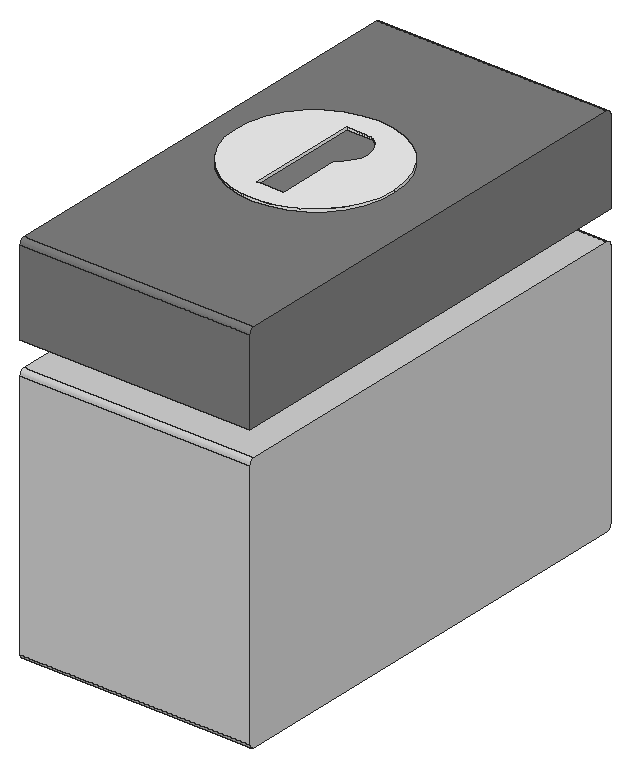
Revit family "Domotics-DomesticRanges-GEWISS-SYSTEM_COMMAND-TWO-WAY_SWITCH_KEY", category Apparecchi elettrici, host Superficie, Revit 2016
Family settings
  Host = Superficie
  Mantenere orientamento annotazione = Sì
  Tipo di parte = Normale
  Quota connettore circolare = Usa diametro
  Numero OmniClass = 23.80.50.11.14
  Titolo OmniClass = Switches
  Taglio con vuoti quando caricato = No
  Condiviso = Sì
  Punto di calcolo locali = Sì
Parameters (values of type "GW21008 - Key-op.1P 10A 230V 2-way switch black")
  Voltage: = "250 V ac"
  Voltage = "250 V ac"
  Volt = 230 V
  Vista di pianta [instance] = yes
  Version file RFA = "19.4"
  URL = "https://www.gewiss.com/ww/en"
  Type = "With key"
  Technical sheet = "https://www.gewiss.com/ww/en/search?q=GW21008"
  Simbolo = SIMBOLO DEVIATORI : DEVCHIAVE
  SIMBOLO [instance] = yes
  SEO = "2 way switch"
  Realized by GEWISS S.p.A. = ""
  Pulsante = GEWISS NERO
  Produttore = "GEWISS S.p.A."
  Offset deviatore [instance] = 0 mm
  Offset Bidimensionale [instance] = 2 mm
  No. SYSTEM modules = "1"
  N. poli = 1
  Modello = "GW21008"
  IFC.TypeObject = ""
  IFC.ExportType = ""
  IFC.ExportAs = ""
  IDT = "9339aafb-4b4f-4cd3-b297-a53a2e736352"
  IDF = "7facbd68-6e22-42a1-81bd-1ebbbeee2841"
  Electrocod = "0130"
  EAN code = "8011564128026"
  Distanza_x [instance] = 0 mm
  Distanza_effettiva_x [instance] = 1500 mm - Distanza_x  # 1500 mm
  Default Elevation = 1219.2 mm
  Immagine tipo = GW21008.jpg
  Descrizione = "KEY-OP.1P 10A 230V 2-WAY SWITCH SY/BK"
  Description: = "1P - 10AX"
  Description. = "Two-way switch"
  Colour = "Black"
  Catalogue Range = "SYSTEM - DOMESTIC RANGE"
  Catalogue = "DOMOTICS"
  Carico apparente = 0 VA
  COBie.Tagnumber = ""
  COBie.CreatedOn = ""
  COBie.CreatebBy = ""
  COBie.ComponentRegisterItemID = ""
  COBie.Component.TagNumber = ""
  COBie.Component.Space = ""
  COBie.Component.SerialNumber = ""
  COBie.Component.InstallationDate = ""
  COBie.Component.Description = ""
  COBie.Component.BarCode = ""
  Button key = "With key"
Types (2, lengths in mm): name | Technical sheet | Pulsante | Modello | IDT | EAN code | Immagine tipo | Descrizione | Colour
  GW20008 - Key-op.1P 10A 230V 2-way switch white | "https://www.gewiss.com/ww/en/search?q=GW20008" | GEWISS BIANCO | "GW20008" | "a0179cd2-78dc-461c-824c-36b42ba75ee6" | "8011564000094" | GW20008.jpg | "KEY-OP.1P 10A 230V 2-WAY SWITCH SY/WT" | "White"
  GW21008 - Key-op.1P 10A 230V 2-way switch black | "https://www.gewiss.com/ww/en/search?q=GW21008" | GEWISS NERO | "GW21008" | "9339aafb-4b4f-4cd3-b297-a53a2e736352" | "8011564128026" | GW21008.jpg | "KEY-OP.1P 10A 230V 2-WAY SWITCH SY/BK" | "Black"
Reference planes
  plane 1 "Centro (Fronte/Retro)": y = 0
  plane 2: z = 0
  plane 3 "Centro (Sinistra/Destra)": x = 0
  plane 4: z = 0
  plane 5 "bidimensionale": z = 41
  plane 6: y = 0
  plane 7: x = 0
  plane 8: x = -11.5
  plane 9: x = 11.5
  plane 10: z = 39
  plane 11: y = 22.5
  plane 12: y = -22.5
  plane 13: x = -1500
  plane 14: x = 0
Lines and regions (mm)
  Masking region 1, visible <- "Vista di pianta"
    outline origin (0, 0, 0) x (1, 0, 0) y (0, 0, 1)
      loop
        line (-11.5, 39) -> (-11.5, 0) -> (11.5, 0) -> (11.5, 39) -> (-11.5, 39)
  Masking region 2, visible <- "Vista di pianta"
    outline origin (0, 0, 41) x (-1, 0, 0) y (0, -1, 0)
      loop
        line (11.5, -22.5) -> (11.5, 22.5) -> (-11.5, 22.5) -> (-11.5, -22.5) -> (11.5, -22.5)
      loop
        circle (0, 0) r 9.447
      loop
        circle (0, 0) r 7.891
      loop
        line (-1.32, -5.555) -> (1.32, -5.555) -> (1.32, 5.649) -> (-1.321, 5.649) -> (-1.321, -0.666)
        arc (-1.321, -0.666) -> (-2.778, -3.111) -> (-1.32, -5.555) r 2.778
  Masking region 3, visible <- "Vista di pianta"
    outline origin (0, 0, 0) x (0, 1, 0) y (0, 0, 1)
      loop
        line (-22.5, 39) -> (-22.5, 0) -> (22.5, 0) -> (22.5, 39) -> (-22.5, 39)
  model lines, detail levels coarse
    curve 1: line (-11.5, 22.5, 41) -> (11.5, 22.5, 41)
    curve 2: line (-11.5, -22.5, 41) -> (-11.5, 22.5, 41)
    curve 3: line (11.5, 22.5, 41) -> (11.5, -22.5, 41)
    curve 4: line (11.5, -22.5, 41) -> (-11.5, -22.5, 41)
    curve 5: circle (0, 0, 41) r 9.447 normal (0, 0, 1)
    curve 6: circle (0, 0, 41) r 7.891 normal (0, 0, 1)
    curve 7: arc (1.321, 0.666, 41) -> (2.778, 3.111, 41) -> (1.32, 5.555, 41) r 2.778
    curve 8: line (1.32, 5.555, 41) -> (-1.32, 5.555, 41)
    curve 9: line (-1.32, 5.555, 41) -> (-1.32, 0.665, 41)
    curve 10: line (-1.32, 0.665, 41) -> (-1.32, -5.649, 41)
    curve 11: line (-1.32, -5.649, 41) -> (1.321, -5.649, 41)
    curve 12: line (1.321, -5.649, 41) -> (1.321, 0.666, 41)
  model lines, not visible, detail levels coarse
    curve 13: line (-11.5, 22.5, 41) -> (11.5, 22.5, 41)
    curve 14: line (-11.5, -22.5, 41) -> (-11.5, 22.5, 41)
    curve 15: line (11.5, 22.5, 41) -> (11.5, -22.5, 41)
    curve 16: line (11.5, -22.5, 41) -> (-11.5, -22.5, 41)
    curve 17: circle (0, 0, 41) r 9.447 normal (0, 0, 1)
    curve 18: circle (0, 0, 41) r 7.891 normal (0, 0, 1)
    curve 19: arc (1.321, 0.666, 41) -> (2.778, 3.111, 41) -> (1.32, 5.555, 41) r 2.778
    curve 20: line (1.32, 5.555, 41) -> (-1.32, 5.555, 41)
    curve 21: line (-1.32, 5.555, 41) -> (-1.32, 0.665, 41)
    curve 22: line (-1.32, 0.665, 41) -> (-1.32, -5.649, 41)
    curve 23: line (-1.32, -5.649, 41) -> (1.321, -5.649, 41)
    curve 24: line (1.321, -5.649, 41) -> (1.321, 0.666, 41)
Dimensions and locks
  "Offset deviatore": plane 4 to host face
  locked: plane 10 to plane 4 at 39
  locked: plane 11 to plane 12 at 45
  plane 13 to plane 3 "Centro (Sinistra/Destra)" = 1500 mm
  "Distanza_effettiva_x": plane 13 to plane 14
  "Offset Bidimensionale": plane 5 "bidimensionale" to plane 10
  aligned and locked: plane 2 to host face
  aligned and locked: level to host face
  aligned and locked: nested 1 to plane 4
  aligned and locked: Masking region 1 sketch curve to nested 1
  aligned and locked: plane 8 to Masking region 1 sketch curve
  aligned and locked: plane 4 to Masking region 1 sketch curve
  aligned and locked: nested 1 to Masking region 1 sketch curve
  aligned and locked: plane 11 to nested 1
  aligned and locked: plane 12 to nested 1
  aligned and locked: plane 14 to nested 2
  aligned and locked: Masking region 2 sketch curve to curve 1
  aligned and locked: plane 8 to Masking region 2 sketch curve
  aligned and locked: Masking region 2 sketch curve to curve 4
  aligned and locked: Masking region 2 sketch curve to curve 3
  aligned and locked: plane 10 to Masking region 3 sketch curve
  aligned and locked: plane 12 to Masking region 3 sketch curve
  aligned and locked: plane 4 to Masking region 3 sketch curve
  aligned and locked: nested 1 to Masking region 3 sketch curve
Automatic sketch dimensions
  host sketch curve to host sketch curve = 2438.4 mm  (x2)
  Masking region 2 sketch curve to Masking region 2 sketch curve = 0 mm  (x2)
  plane 1 "Centro (Fronte/Retro)" to Masking region 2 sketch curve = 0 mm
  Masking region 2 sketch curve to plane 3 "Centro (Sinistra/Destra)" = 0 mm  (x2)
  plane 3 "Centro (Sinistra/Destra)" to Masking region 2 sketch curve = 1.321 mm
  plane 3 "Centro (Sinistra/Destra)" to Masking region 2 sketch curve = 1.32 mm
  Masking region 2 sketch curve to plane 1 "Centro (Fronte/Retro)" = 5.555 mm
  Masking region 2 sketch curve to Masking region 2 sketch curve = 2.445 mm
  plane 1 "Centro (Fronte/Retro)" to Masking region 2 sketch curve = 5.649 mm
  Masking region 2 sketch curve to plane 3 "Centro (Sinistra/Destra)" = 1.32 mm
  radius of Masking region 2 sketch curve = 9.447 mm
  radius of Masking region 2 sketch curve = 7.891 mm
Nested families
  nested 1: "SYSTEM DEVIATORI CHIAVE_BASE" at (0, 0, 0), Pulsante <- "Pulsante", type "GW20008 - DEVIATORE 1P 10A CON CHIAVE SY/WT"
    with Pulsante GEWISS NERO
  nested 2: "SIMBOLO DEVIATORI" at (0, 100, 0), SIMBOLO <- "SIMBOLO", visible <- "SIMBOLO", type "DEVCHIAVE"
    with Distanza dal muro 4.208 mm, BORDO ACCESO yes
Connectors
  electrical at (0, 0, 0), driven by "N. poli", driven by "Volt", driven by "Carico apparente"
    settings: on nested 1, index 1, voltage 230 V, apparent load 0 VA, apparent load phase1 0 VA, apparent load phase2 0 VA, apparent load phase3 0 VA, power factor 1, load classification "Other", number of poles 1, system type 31, power factor state 1, is connector primary yes, connector utility no, sub classification motor no, connector description ""
Definition of nested family "SYSTEM DEVIATORI CHIAVE_BASE"
  Parameters (values of type "GW20008 - DEVIATORE 1P 10A CON CHIAVE SY/WT")
    Struttura = none
    Simbolo = INCHIAVE : INCHIAVE
    Pulsante [instance] = none
    Profondità totale = 39 mm
    Profondità supporto = 26 mm
    Larghezza pulsante = 23 mm
    Distanza simbolo = 254 mm
    Default Elevation = 1219.2 mm
    Chiave = none
    Bidimensionale = 43.8 mm
    Altezza simbolo = 306 mm
    Altezza pulsante = 45 mm
  Reference planes
    plane 1 "Centro (Fronte/Retro)": y = 0
    plane 2: z = 0
    plane 3 "Centro (Sinistra/Destra)": x = 0
    plane 4: x = -10.5
    plane 5: x = 10.5
    plane 6: y = 22.5
    plane 7: y = -22.5
    plane 8: z = 26
    plane 9: x = -11.5
    plane 10: x = 11.5
    plane 11: z = 37.721
    plane 12 "PIANO BIDIMENSIONALE": z = 43.8
    plane 13: z = 39
  Forms (mm)
    Extrusion 1, solid, material <- "Struttura", detail levels medium+fine
      sketch origin (0, 0, 0) x (0, 1, 0) y (0, 0, 1)
        loop
          line (22.5, 0.5) -> (22.5, 25.5)
          arc (22.5, 25.5) -> (22.354, 25.854) -> (22, 26) r 0.5
          line (22, 26) -> (-22, 26)
          arc (-22, 26) -> (-22.354, 25.854) -> (-22.5, 25.5) r 0.5
          line (-22.5, 25.5) -> (-22.5, 0.5)
          arc (-22.5, 0.5) -> (-22.354, 0.146) -> (-22, 0) r 0.5
          line (-22, 0) -> (22, 0)
          arc (22, 0) -> (22.354, 0.146) -> (22.5, 0.5) r 0.5
      from -11.5 to 11.5
    Extrusion 2, solid, material <- "Pulsante", detail levels medium+fine
      sketch origin (0, 0, 0) x (0, 1, 0) y (0, 0, 1)
        loop
          arc (-22, 37.721) -> (-22.354, 37.575) -> (-22.5, 37.221) r 0.5
          line (-22.5, 37.221) -> (-22.5, 28.721) -> (3, 28.721) -> (22.5, 28.721) -> (22.5, 37.221)
          arc (22.5, 37.221) -> (22.354, 37.575) -> (22, 37.721) r 0.5
          arc (22, 37.721) -> (0, 38.721) -> (-22, 37.721) r 242.438
      from -11.5 to 11.5
    Extrusion 3, solid, material <- "Chiave", detail levels medium+fine
      sketch origin (0, 0, 0) x (1, 0, 0) y (0, 1, 0)
        loop
          circle (0, 0) r 7.891
      from 39 to 38.751
    Extrusion 4, void, detail levels medium+fine
      sketch origin (0, 0, 0) x (1, 0, 0) y (0, 1, 0)
        loop
          line (-1.32, 5.555) -> (-1.32, -5.649) -> (1.321, -5.649) -> (1.321, 0.666)
          arc (1.321, 0.666) -> (2.778, 3.111) -> (1.32, 5.555) r 2.778
          line (1.32, 5.555) -> (-1.32, 5.555)
      from 38.751 to 39
  Cuts and joins
    Extrusion 4 cuts Extrusion 3
  Lines and regions (mm)
    Masking region 1
      outline origin (0, 0, 43.8) x (1, 0, 0) y (0, 1, 0)
        loop
          line (-11.5, 22.5) -> (-11.5, -22.5) -> (11.5, -22.5) -> (11.5, 22.5) -> (-11.5, 22.5)
        loop
          circle (0, 0) r 9.447
    Masking region 2
      outline origin (0, 0, 43.8) x (1, 0, 0) y (0, 1, 0)
        loop
          circle (0, 0) r 9.447
        loop
          circle (0, 0) r 7.891
    Masking region 3
      outline origin (0, 0, 43.8) x (1, 0, 0) y (0, 1, 0)
        loop
          circle (0, 0) r 7.891
        loop
          line (-1.32, -5.649) -> (1.321, -5.649) -> (1.321, 0.666)
          arc (1.321, 0.666) -> (2.778, 3.111) -> (1.32, 5.555) r 2.778
          line (1.32, 5.555) -> (-1.32, 5.555) -> (-1.32, -5.649)
    Masking region 4
      outline origin (0, 0, 43.8) x (1, 0, 0) y (0, 1, 0)
        loop
          line (-1.32, 5.555) -> (-1.32, -5.649) -> (1.321, -5.649) -> (1.321, 0.666)
          arc (1.321, 0.666) -> (2.778, 3.111) -> (1.32, 5.555) r 2.778
          line (1.32, 5.555) -> (-1.32, 5.555)
    reference lines
      curve 1: line (0, 75.97, 28.721) -> (0, -79.03, 28.721)
  Dimensions and locks
    equal spacing: plane 7, plane 1 "Centro (Fronte/Retro)", plane 6
    "Altezza pulsante": plane 7 to plane 6
    equal spacing: plane 4, plane 3 "Centro (Sinistra/Destra)", plane 5
    "Bidimensionale": level to plane 12 "PIANO BIDIMENSIONALE"
    "Profondità totale": level to plane 13
    "Profondità supporto": level to plane 8
    "Larghezza pulsante": plane 9 to plane 10
    plane 9 to plane 4 = 1 mm
    plane 5 to plane 10 = 1 mm
    aligned and locked: level to plane 2
    aligned and locked: Extrusion 2 to plane 6
    aligned and locked: Extrusion 2 to plane 7
    aligned and locked: Extrusion 1 to Extrusion 2
    aligned and locked: Extrusion 2 to Extrusion 1
    aligned and locked: plane 9 to Extrusion 1
    aligned and locked: Extrusion 1 to plane 10
    aligned and locked: plane 13 to cut or joined group of Extrusion 3, Extrusion 4
    aligned and locked: Masking region 1 sketch curve to Extrusion 2  (x4)
  Automatic sketch dimensions
    curve 1 to plane 7 = 56.53 mm
    level to curve 1 = 28.721 mm
    curve 1 to plane 6 = 53.47 mm
    plane 8 to Extrusion 1 sketch curve = 0.5 mm
    level to Extrusion 1 sketch curve = 0.5 mm
    plane 6 to Extrusion 1 sketch curve = 0.5 mm
    Extrusion 1 sketch curve to Extrusion 1 sketch curve = 0.5 mm
    Extrusion 1 sketch curve to level = 0 mm
    Extrusion 1 sketch curve to plane 7 = 0 mm
    plane 8 to Extrusion 1 sketch curve = 0 mm
    Extrusion 1 sketch curve to plane 6 = 0 mm
    plane 1 "Centro (Fronte/Retro)" to Extrusion 3 sketch curve = 0 mm
    Extrusion 3 sketch curve to plane 3 "Centro (Sinistra/Destra)" = 0 mm
    Extrusion 4 sketch curve to plane 3 "Centro (Sinistra/Destra)" = 0 mm
    Extrusion 4 sketch curve to plane 3 "Centro (Sinistra/Destra)" = 1.32 mm
    plane 3 "Centro (Sinistra/Destra)" to Extrusion 4 sketch curve = 1.32 mm
    plane 3 "Centro (Sinistra/Destra)" to Extrusion 4 sketch curve = 1.321 mm
    plane 1 "Centro (Fronte/Retro)" to Extrusion 4 sketch curve = 5.649 mm
    Extrusion 4 sketch curve to plane 1 "Centro (Fronte/Retro)" = 0.666 mm
    Extrusion 4 sketch curve to Extrusion 4 sketch curve = 2.444 mm
    Masking region 1 sketch curve to Masking region 1 sketch curve = 0 mm  (x2)
    plane 1 "Centro (Fronte/Retro)" to Masking region 1 sketch curve = 0 mm
    Masking region 1 sketch curve to plane 3 "Centro (Sinistra/Destra)" = 0 mm
    Masking region 1 sketch curve to plane 4 = 1.053 mm
    plane 1 "Centro (Fronte/Retro)" to Masking region 2 sketch curve = 0 mm
    Masking region 2 sketch curve to plane 3 "Centro (Sinistra/Destra)" = 0 mm
    Masking region 2 sketch curve to plane 4 = 1.053 mm
    plane 1 "Centro (Fronte/Retro)" to Masking region 3 sketch curve = 0 mm
    Masking region 3 sketch curve to plane 3 "Centro (Sinistra/Destra)" = 0 mm  (x2)
    Masking region 3 sketch curve to plane 4 = 2.609 mm
    Masking region 3 sketch curve to plane 3 "Centro (Sinistra/Destra)" = 1.32 mm
    Masking region 3 sketch curve to plane 1 "Centro (Fronte/Retro)" = 5.555 mm
    plane 3 "Centro (Sinistra/Destra)" to Masking region 3 sketch curve = 1.32 mm
    plane 1 "Centro (Fronte/Retro)" to Masking region 3 sketch curve = 5.649 mm
    Masking region 3 sketch curve to Masking region 3 sketch curve = 2.445 mm
    Masking region 3 sketch curve to plane 1 "Centro (Fronte/Retro)" = 0.666 mm
    Masking region 2 sketch curve to Masking region 2 sketch curve = 0 mm  (x2)
    Masking region 2 sketch curve to Masking region 2 sketch curve = 1.556 mm
    Masking region 4 sketch curve to plane 3 "Centro (Sinistra/Destra)" = 0 mm
    plane 3 "Centro (Sinistra/Destra)" to Masking region 4 sketch curve = 1.32 mm
    Masking region 4 sketch curve to plane 1 "Centro (Fronte/Retro)" = 3.11 mm
    Masking region 4 sketch curve to Masking region 4 sketch curve = 2.445 mm
    Masking region 4 sketch curve to plane 1 "Centro (Fronte/Retro)" = 0.666 mm
    plane 1 "Centro (Fronte/Retro)" to Masking region 4 sketch curve = 5.649 mm
    Masking region 4 sketch curve to plane 3 "Centro (Sinistra/Destra)" = 1.32 mm
    Extrusion 2 sketch curve to plane 7 = 0 mm
    Extrusion 2 sketch curve to plane 11 = 0 mm  (x2)
    Extrusion 2 sketch curve to plane 1 "Centro (Fronte/Retro)" = 0 mm
    Extrusion 2 sketch curve to plane 6 = 0 mm
    plane 7 to Extrusion 2 sketch curve = 0.5 mm
    Extrusion 2 sketch curve to plane 8 = 2.721 mm
    Extrusion 2 sketch curve to level = 203.717 mm
    Extrusion 2 sketch curve to plane 1 "Centro (Fronte/Retro)" = 3 mm
    radius of Extrusion 3 sketch curve = 7.891 mm
Definition of nested family "SIMBOLO DEVIATORI"
  Parameters (values of type "DEVDOPPIO")
    Simbolo = SIMBOLO DEVIATORI_BASE : DEVDOPPIO
    SIMBOLO [instance] = yes
    Distanza dal muro [instance] = 4.208 mm
    BORDO ACCESO [instance] = yes
  Types (4, lengths in mm): name | Simbolo
    DEV1P | SIMBOLO DEVIATORI_BASE : DEV1P
    DEV1PLUM | SIMBOLO DEVIATORI_BASE : DEV1PLUM
    DEVCHIAVE | SIMBOLO DEVIATORI_BASE : DEVCHIAVE
    DEVDOPPIO | SIMBOLO DEVIATORI_BASE : DEVDOPPIO
  Reference planes
    plane 1: y = 0
    plane 2: x = 0
  Dimensions and locks
    aligned and locked: plane 2 to nested 1
    aligned and locked: plane 1 to nested 1
  Nested families
    nested 1: "SIMBOLO DEVIATORI_BASE" at (0, 0, 0), type <- "Simbolo", BORDO ACCESO <- "BORDO ACCESO", visible <- "SIMBOLO", type "DEVDOPPIO"
      with BORDO ACCESO yes
  Definition of nested family "SIMBOLO DEVIATORI_BASE"
    Parameters (values of type "DEVDOPPIO")
      chiave = no
      DEVDOPPIO = yes
      DEV1PLUM = no
      DEV1P = no
      Distanza dal muro = 4.208 mm
      BORDO ACCESO [instance] = yes
    Types (4, lengths in mm): name | chiave | DEVDOPPIO | DEV1PLUM | DEV1P
      DEV1P | no | no | no | yes
      DEV1PLUM | no | no | yes | yes
      DEVCHIAVE | yes | no | no | yes
      DEVDOPPIO | no | yes | no | no
    Reference planes
      plane 1: y = 0
      plane 2: x = 0
    Lines and regions (mm)
      detail lines, visible <- "DEV1P"
        curve 1: circle (0, 1.25, 0) r 0.389 normal (0, 0, 1)
        curve 2: line (0.223, 1.568, 0) -> (0.567, 2.059, 0)
        curve 3: line (0.567, 2.059, 0) -> (0.838, 1.865, 0)
        curve 4: line (-0.223, 0.932, 0) -> (-0.567, 0.441, 0)
        curve 5: line (-0.567, 0.441, 0) -> (-0.838, 0.635, 0)
      detail lines, visible <- "DEV1PLUM"
        curve 6: line (-0.275, 1.525, 0) -> (0.275, 0.975, 0)
        curve 7: line (0.275, 1.525, 0) -> (-0.275, 0.975, 0)
      detail lines, visible <- "chiave"
        curve 8: line (0, 1.525, 0) -> (0, 0.975, 0)
      detail lines, visible <- "DEVDOPPIO"
        curve 9: circle (-0.355, 1.267, 0) r 0.223 normal (0, 0, 1)
        curve 10: line (-0.227, 1.45, 0) -> (-0.029, 1.732, 0)
        curve 11: line (-0.029, 1.732, 0) -> (0.127, 1.621, 0)
        curve 12: line (-0.483, 1.083, 0) -> (-0.681, 0.801, 0)
        curve 13: line (-0.681, 0.801, 0) -> (-0.837, 0.912, 0)
        curve 14: circle (-0.355, 1.267, 0) r 0.223 normal (0, 0, 1)
        curve 15: line (-0.227, 1.45, 0) -> (-0.029, 1.732, 0)
        curve 16: line (-0.029, 1.732, 0) -> (0.127, 1.621, 0)
        curve 17: line (-0.483, 1.083, 0) -> (-0.681, 0.801, 0)
        curve 18: line (-0.681, 0.801, 0) -> (-0.837, 0.912, 0)
        curve 19: circle (0.346, 1.267, 0) r 0.223 normal (0, 0, 1)
        curve 20: line (0.474, 1.45, 0) -> (0.672, 1.732, 0)
        curve 21: line (0.672, 1.732, 0) -> (0.828, 1.621, 0)
        curve 22: line (0.218, 1.083, 0) -> (0.02, 0.801, 0)
        curve 23: line (0.02, 0.801, 0) -> (-0.136, 0.912, 0)
